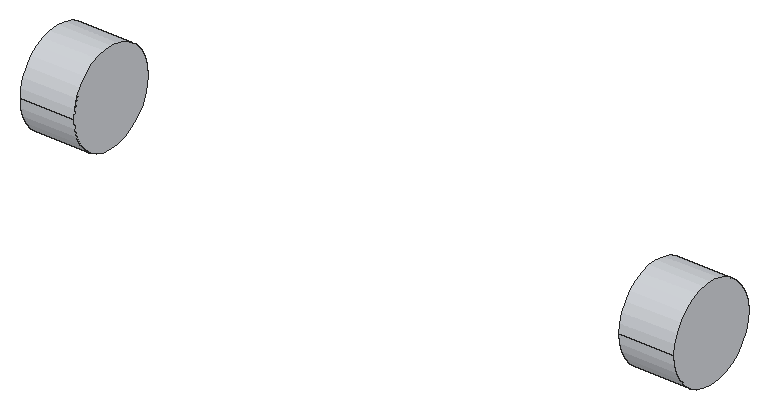
Revit family "SENT100T", category Mechanical Equipment, Revit 2013
Parameters
  Width (including controller) = "717mm"
  Width (excluding controller) = "591mm"
  Weight = "26Kg"
  Warranty period = "Unit 2 years, Motor 5 years"
  Spigot Diameter = "100mm"
  Product Description = "Sentinel D-Box Twin Fan"
  Part Number = "SENT100T"
  Options = "Weatherproofed and Constant Pressure options"
  Operational and Maintenance Manual = "http://www.vent-axia.com/files/pdf-downloads/432984_0.pdf"
  Operating Temperature = "(-10C to +40C)"
  Motor Rating = "83 Watts (max)"
  Manufacturer - Website = "www.vent-axia.com"
  Manufacturer - Name = "Vent-Axia Ltd"
  Manufacturer - Email = "sales@vent-axia.com"
  Manufacturer - Contact Phone = "0844 856 0590"
  Manufacturer - Address = "Fleming Way, Crawley, West Sussex RH10 9YX"
  Length (including Spigots) = "705mm"
  Length (excluding Spigots) = "610mm"
  IP Rating  Internal = "IPX2"
  IP Rating  External (WP) = "IPX5"
  Height = "256mm"
  Country of Manufacture = "UK"
  Category = "Sentinel D-Box Twin Fan"
  AC Voltage Input = "220-240 V AC (single phase)"
  AC Frequency Input = "50Hz nominal"
Reference planes
  plane 1 "Center (Front/Back)": y = 0
  plane 2: z = 0
  plane 3 "Center (Left/Right)": x = 0
  plane 4: y = 128
  plane 5: y = -128
  plane 6: x = 352.5
  plane 7: x = -352.5
Forms (mm)
  Extrusion 1, solid
    sketch origin (-327.9, 0, 0) x (0, 0, -1) y (0, 1, 0)
      loop
        circle (-129.974, 46.72) r 50
    from -24.6 to 33.06
  Extrusion 2, solid
    sketch origin (327.9, 0, 0) x (0, 0, -1) y (0, -1, 0)
      loop
        circle (-129.974, -46.72) r 50
    from -26.573 to 33.06
Connectors
  hvac at (354.472, 46.72, 129.974)
    settings: on Extrusion 2, index 1, duct flow 0.0 L/s, flow factor 0, pres drop 0.0 Pa, loss coef 0, conn angle 0.00°, conn width 304.8 mm, conn height 304.8 mm, conn radius 50 mm, duct sys type 2, conn prof type 0, flow config 0, flow direction 1, loss method 0, conn ref index -1, conn util no, is conn primary yes, conn desc ""
  hvac at (-352.5, 46.72, 129.974)
    settings: on Extrusion 1, index 2, duct flow 0.0 L/s, flow factor 0, pres drop 0.0 Pa, loss coef 0, conn angle 0.00°, conn width 304.8 mm, conn height 304.8 mm, conn radius 50 mm, duct sys type 3, conn prof type 0, flow config 0, flow direction 2, loss method 0, conn ref index -1, conn util no, is conn primary no, conn desc ""
